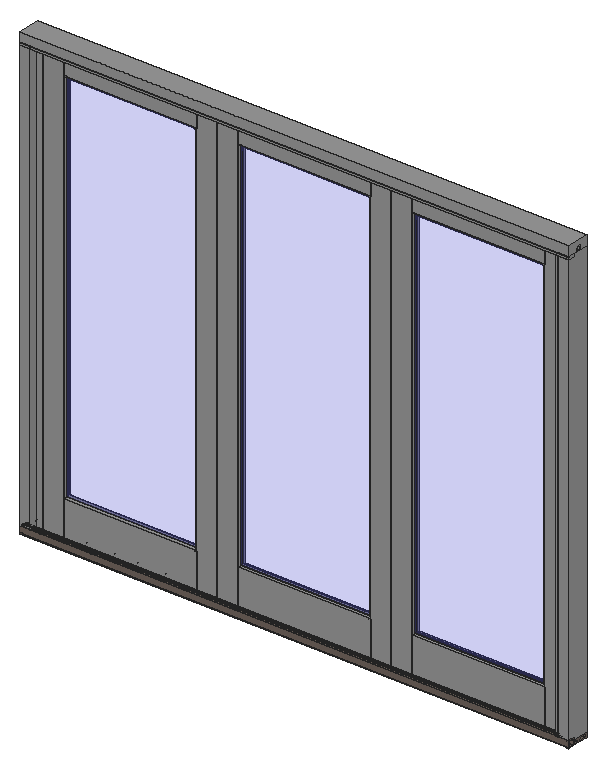
Revit family "VSFA 2560 G1 LH", category Doors, host Wall, Revit 2015
Parameters (values of type "VSFA 2560 G1 LH")
  Function = Interior
  Frame Projection Ext. = 25 mm
  Frame Projection Int. = 25 mm
  Frame Width = 75 mm
  Height = 2100 mm
  Wall Closure = By host
  Width = 2560 mm
Reference planes
  plane 1: y = 0
  plane 2 "Center (Left/Right)": x = 0
  plane 3 "Left": x = -1280
  plane 4 "Right": x = 1280
  plane 5: z = 2100
  plane 6 "Exterior": y = 75
  plane 7 "Interior": y = -75
  plane 8: x = 1205
  plane 9: x = -1235
  plane 10: x = 1204
  plane 11: x = 391
  plane 12: x = -422
Forms (mm)
  Extrusion 1, solid, material "Aluminium Cill (Bronze)"
    sketch origin (0, 79.18, -119.746) x (0, 1, 0) y (0, 0, -1)
      loop
        arc (-26.68, -120.746) -> (-26.972, -120.039) -> (-27.68, -119.746) r 1
        line (-27.68, -119.746) -> (-130.68, -119.746)
        arc (-130.68, -119.746) -> (-131.387, -120.039) -> (-131.68, -120.746) r 1
        line (-131.68, -120.746) -> (-131.68, -150.746)
        arc (-131.68, -150.746) -> (-131.387, -151.453) -> (-130.68, -151.746) r 1
        line (-130.68, -151.746) -> (-120.912, -151.746)
        arc (-120.912, -151.746) -> (-119.18, -150.746) -> (-117.447, -151.746) r 2
        line (-117.447, -151.746) -> (-112.912, -151.746)
        arc (-112.912, -151.746) -> (-111.18, -150.746) -> (-109.447, -151.746) r 2
        line (-109.447, -151.746) -> (-99.68, -151.746)
        arc (-99.68, -151.746) -> (-98.972, -151.453) -> (-98.68, -150.746) r 1
        line (-98.68, -150.746) -> (-98.68, -149.246)
        arc (-98.68, -149.246) -> (-99.18, -148.746) -> (-99.68, -149.246) r 0.5
        line (-99.68, -149.246) -> (-99.68, -150.246) -> (-100.88, -150.246) -> (-100.88, -142.734) -> (-99.68, -142.734) -> (-99.68, -143.746)
        arc (-99.68, -143.746) -> (-99.18, -144.246) -> (-98.68, -143.746) r 0.5
        line (-98.68, -143.746) -> (-98.68, -138.746) -> (-90.432, -138.746) -> (-82.18, -138.746) -> (-82.18, -135.246)
        arc (-82.18, -135.246) -> (-81.74, -134.185) -> (-80.68, -133.746) r 1.5
        line (-80.68, -133.746) -> (-75.93, -133.746) -> (-75.93, -135.746) -> (-77.363, -135.746)
        arc (-77.363, -135.746) -> (-74.68, -138.746) -> (-71.996, -135.746) r 2.7
        line (-71.996, -135.746) -> (-73.43, -135.746) -> (-73.43, -133.746) -> (-68.68, -133.746)
        arc (-68.68, -133.746) -> (-67.619, -134.185) -> (-67.18, -135.246) r 1.5
        line (-67.18, -135.246) -> (-67.18, -138.746) -> (-60.412, -138.746)
        arc (-60.412, -138.746) -> (-58.68, -137.746) -> (-56.947, -138.746) r 2
        line (-56.947, -138.746) -> (-52.412, -138.746)
        arc (-52.412, -138.746) -> (-50.68, -137.746) -> (-48.947, -138.746) r 2
        line (-48.947, -138.746) -> (-44.412, -138.746)
        arc (-44.412, -138.746) -> (-42.68, -137.746) -> (-40.947, -138.746) r 2
        line (-40.947, -138.746) -> (-29.68, -138.746)
        arc (-29.68, -138.746) -> (-27.558, -137.867) -> (-26.68, -135.746) r 3
        line (-26.68, -135.746) -> (-26.68, -120.746)
      loop
        arc (-29.68, -137.246) -> (-28.619, -136.807) -> (-28.18, -135.746) r 1.5
        line (-28.18, -135.746) -> (-28.18, -121.246) -> (-73.93, -121.246) -> (-73.93, -132.246) -> (-68.68, -132.246)
        arc (-68.68, -132.246) -> (-66.558, -133.125) -> (-65.68, -135.246) r 3
        line (-65.68, -135.246) -> (-65.68, -137.246) -> (-61.129, -137.246)
        arc (-61.129, -137.246) -> (-58.68, -136.246) -> (-56.23, -137.246) r 3.5
        line (-56.23, -137.246) -> (-53.129, -137.246)
        arc (-53.129, -137.246) -> (-50.68, -136.246) -> (-48.23, -137.246) r 3.5
        line (-48.23, -137.246) -> (-45.129, -137.246)
        arc (-45.129, -137.246) -> (-42.68, -136.246) -> (-40.23, -137.246) r 3.5
        line (-40.23, -137.246) -> (-29.68, -137.246)
      loop
        line (-75.43, -132.246) -> (-75.43, -121.246) -> (-98.68, -121.246) -> (-98.68, -137.246) -> (-83.68, -137.246) -> (-83.68, -135.246)
        arc (-83.68, -135.246) -> (-82.801, -133.125) -> (-80.68, -132.246) r 3
        line (-80.68, -132.246) -> (-75.43, -132.246)
      loop
        line (-100.18, -121.246) -> (-130.18, -121.246) -> (-130.18, -150.246) -> (-121.629, -150.246)
        arc (-121.629, -150.246) -> (-119.18, -149.246) -> (-116.73, -150.246) r 3.5
        line (-116.73, -150.246) -> (-113.629, -150.246)
        arc (-113.629, -150.246) -> (-111.18, -149.246) -> (-108.73, -150.246) r 3.5
        line (-108.73, -150.246) -> (-102.38, -150.246) -> (-102.38, -141.246) -> (-100.18, -141.246) -> (-100.18, -121.246)
    from -1280 to 1280
  Extrusion 2, solid, material "Lauan, Meranti"
    sketch origin (-122.148, 0, 0) x (0, 1, 0) y (0, 0, 1)
      loop
        line (52.5, 2100) -> (-52.5, 2100) -> (-52.5, 2055) -> (-6.5, 2055) -> (-6.5, 2075) -> (15.5, 2075) -> (15.5, 2055) -> (52.5, 2055) -> (52.5, 2100)
    from -1157.852 to 1402.148
  Extrusion 3, solid, material "Lauan, Meranti"
    sketch origin (2.986, 0, 0) x (0, 1, 0) y (0, 0, 1)
      loop
        line (-52.5, 2052) -> (-52.5, 2042) -> (-20.5, 2042) -> (-20.5, 2045.5) -> (-27.5, 2045.5) -> (-27.5, 2048.5) -> (-20.5, 2048.5) -> (-20.5, 2055) -> (-49.5, 2055) -> (-49.5, 2052) -> (-52.5, 2052)
    from -1282.986 to 1277.014
  Extrusion 4, solid, material "Steel, Chrome Plated"
    sketch origin (129.456, -1.5, 0) x (0, 1, 0) y (0, 0, -1)
      loop
        line (16.5, -2075) -> (16.5, -2055) -> (14.3, -2055) -> (14.3, -2072.8) -> (-2.3, -2072.8) -> (-2.3, -2055) -> (-4.5, -2055) -> (-4.5, -2075) -> (16.5, -2075)
    from -1150.544 to 1409.456
  Extrusion 5, solid, material "Lauan, Meranti"
    sketch origin (-615, 0, 0) x (-1, 0, 0) y (0, -1, 0)
      loop
        line (665, 52.5) -> (620, 52.5) -> (620, 16.5) -> (665, 16.5) -> (665, 52.5)
      loop
        line (665, -52.5) -> (665, -25.5) -> (620, -25.5) -> (620, -52.5) -> (665, -52.5)
      loop
        line (590, -24.5) -> (635, -24.5) -> (635, -14.5) -> (610, -14.5) -> (610, 5.5) -> (635, 5.5) -> (635, 15.5) -> (590, 15.5) -> (590, -24.5)
    from 32 to 2055
  Extrusion 6, solid, material "Lauan, Meranti"
    sketch origin (615, 0, 0) x (-1, 0, 0) y (0, -1, 0)
      loop
        line (-665, -52.5) -> (-632, -52.5) -> (-632, -24.5) -> (-620, -24.5) -> (-620, 52.5) -> (-665, 52.5) -> (-665, -52.5)
    from 32 to 2055
  Extrusion 7, solid, material "Lauan, Meranti"
    sketch origin (615, 0, 0) x (-1, 0, 0) y (0, -1, 0)
      loop
        line (-617, 52.5) -> (-617, 49.5) -> (-620, 49.5) -> (-620, 20.5) -> (-613.5, 20.5) -> (-613.5, 27.5) -> (-610.5, 27.5) -> (-610.5, 20.5) -> (-607, 20.5) -> (-607, 52.5) -> (-617, 52.5)
    from 32 to 2042
  Extrusion 8, solid, material "Lauan, Meranti"
    sketch origin (615, 0, 0) x (-1, 0, 0) y (0, -1, 0)
      loop
        line (-665, -52.5) -> (-632, -52.5) -> (-632, -24.5) -> (-620, -24.5) -> (-620, 19.5) -> (-665, 19.5) -> (-665, -52.5)
    from 19 to 32
  Extrusion 9, solid, material "Lauan, Meranti"
    sketch origin (-615, 0, 0) x (-1, 0, 0) y (0, -1, 0)
      loop
        line (620, -52.5) -> (665, -52.5) -> (665, -25.5) -> (620, -25.5) -> (620, -52.5)
      loop
        line (635, -24.5) -> (635, -14.5) -> (610, -14.5) -> (610, 5.5) -> (635, 5.5) -> (635, 15.5) -> (590, 15.5) -> (590, -24.5) -> (635, -24.5)
    from 19 to 32
  Extrusion 10, solid, material "Lauan, Meranti"
    sketch origin (-1524, 0, 0) x (-1, 0, 0) y (0, -1, 0)
      loop
        line (-1133, 15.5) -> (-1133, -24.5) -> (-1037, -24.5) -> (-1037, 5.5) -> (-1028, 5.5) -> (-1028, 7.5) -> (-1030, 7.5)
        arc (-1030, 7.5) -> (-1032.265, 11.94) -> (-1037, 13.5) r 6.549
        line (-1037, 13.5) -> (-1037, 15.5) -> (-1133, 15.5)
      loop
        line (-320, 15.5) -> (-416, 15.5) -> (-416, 13.5)
        arc (-416, 13.5) -> (-420.735, 11.94) -> (-423, 7.5) r 6.549
        line (-423, 7.5) -> (-425, 7.5) -> (-425, 5.5) -> (-416, 5.5) -> (-416, -24.5) -> (-320, -24.5) -> (-320, 15.5)
    from 19 to 2055
  Extrusion 11, solid, material "Lauan, Meranti"
    sketch origin (-859.235, 0, 0) x (0, 1, 0) y (0, 0, -1)
      loop
        line (-15.5, -190) -> (-13.5, -190)
        arc (-13.5, -190) -> (-11.866, -194.67) -> (-7.5, -197) r 6.807
        line (-7.5, -197) -> (-7.5, -199) -> (-5.5, -199) -> (-5.5, -190) -> (24.5, -190) -> (24.5, -19) -> (-15.5, -19) -> (-15.5, -190)
      loop
        arc (-7.5, -1952) -> (-11.866, -1954.33) -> (-13.5, -1959) r 6.807
        line (-13.5, -1959) -> (-15.5, -1959) -> (-15.5, -2055) -> (24.5, -2055) -> (24.5, -1959) -> (-5.5, -1959) -> (-5.5, -1950) -> (-7.5, -1950) -> (-7.5, -1952)
    from -372.235 to 248.765
  Sweep 12, solid, material "Lauan, Meranti"
    path origin (-566.876, -75, -1252.272) x (-1, 0, 0) y (0, 0, -1)
      loop
        line (-79.876, -3211.272) -> (541.124, -3211.272) -> (541.124, -1442.272) -> (-79.876, -1442.272) -> (-79.876, -3211.272)
    profile origin (-797.5, -75, 1959) x (0, 0, -1) y (0, -1, 0)
      loop
        line (9, -78) -> (0, -78) -> (0, -86)
        arc (0, -86) -> (4.67, -84.366) -> (7, -80) r 6.807
        line (7, -80) -> (9, -80) -> (9, -78)
  Extrusion 13, solid, material "Glass"
    sketch origin (-835.808, -110.55, -763.769) x (-1, 0, 0) y (0, 0, -1)
      loop
        line (-348.808, -2722.769) -> (272.192, -2722.769) -> (272.192, -953.769) -> (-348.808, -953.769) -> (-348.808, -2722.769)
    from -112.5 to -106.1
  Extrusion 14, solid, material "Lauan, Meranti"
    sketch origin (-711, 0, 0) x (-1, 0, 0) y (0, -1, 0)
      loop
        line (-1133, 15.5) -> (-1133, -24.5) -> (-1037, -24.5) -> (-1037, 5.5) -> (-1028, 5.5) -> (-1028, 7.5) -> (-1030, 7.5)
        arc (-1030, 7.5) -> (-1032.265, 11.94) -> (-1037, 13.5) r 6.549
        line (-1037, 13.5) -> (-1037, 15.5) -> (-1133, 15.5)
      loop
        line (-320, 15.5) -> (-416, 15.5) -> (-416, 13.5)
        arc (-416, 13.5) -> (-420.735, 11.94) -> (-423, 7.5) r 6.549
        line (-423, 7.5) -> (-425, 7.5) -> (-425, 5.5) -> (-416, 5.5) -> (-416, -24.5) -> (-320, -24.5) -> (-320, 15.5)
    from 19 to 2055
  Extrusion 15, solid, material "Lauan, Meranti"
    sketch origin (-46.235, 0, 0) x (0, 1, 0) y (0, 0, -1)
      loop
        line (-15.5, -190) -> (-13.5, -190)
        arc (-13.5, -190) -> (-11.866, -194.67) -> (-7.5, -197) r 6.807
        line (-7.5, -197) -> (-7.5, -199) -> (-5.5, -199) -> (-5.5, -190) -> (24.5, -190) -> (24.5, -19) -> (-15.5, -19) -> (-15.5, -190)
      loop
        arc (-7.5, -1952) -> (-11.866, -1954.33) -> (-13.5, -1959) r 6.807
        line (-13.5, -1959) -> (-15.5, -1959) -> (-15.5, -2055) -> (24.5, -2055) -> (24.5, -1959) -> (-5.5, -1959) -> (-5.5, -1950) -> (-7.5, -1950) -> (-7.5, -1952)
    from -372.235 to 248.765
  Sweep 16, solid, material "Lauan, Meranti"
    path origin (246.124, -75, -1252.272) x (-1, 0, 0) y (0, 0, -1)
      loop
        line (-79.876, -3211.272) -> (541.124, -3211.272) -> (541.124, -1442.272) -> (-79.876, -1442.272) -> (-79.876, -3211.272)
    profile origin (15.5, -75, 1959) x (0, 0, -1) y (0, -1, 0)
      loop
        line (9, -78) -> (0, -78) -> (0, -86)
        arc (0, -86) -> (4.67, -84.366) -> (7, -80) r 6.807
        line (7, -80) -> (9, -80) -> (9, -78)
  Extrusion 17, solid, material "Glass"
    sketch origin (-22.808, -110.55, -763.769) x (-1, 0, 0) y (0, 0, -1)
      loop
        line (-348.808, -2722.769) -> (272.192, -2722.769) -> (272.192, -953.769) -> (-348.808, -953.769) -> (-348.808, -2722.769)
    from -112.5 to -106.1
  Extrusion 18, solid, material "Lauan, Meranti"
    sketch origin (102, 0, 0) x (-1, 0, 0) y (0, -1, 0)
      loop
        line (-1133, 15.5) -> (-1133, -24.5) -> (-1037, -24.5) -> (-1037, 5.5) -> (-1028, 5.5) -> (-1028, 7.5) -> (-1030, 7.5)
        arc (-1030, 7.5) -> (-1032.265, 11.94) -> (-1037, 13.5) r 6.549
        line (-1037, 13.5) -> (-1037, 15.5) -> (-1133, 15.5)
      loop
        line (-320, 15.5) -> (-416, 15.5) -> (-416, 13.5)
        arc (-416, 13.5) -> (-420.735, 11.94) -> (-423, 7.5) r 6.549
        line (-423, 7.5) -> (-425, 7.5) -> (-425, 5.5) -> (-416, 5.5) -> (-416, -24.5) -> (-320, -24.5) -> (-320, 15.5)
    from 19 to 2055
  Extrusion 19, solid, material "Lauan, Meranti"
    sketch origin (766.765, 0, 0) x (0, 1, 0) y (0, 0, -1)
      loop
        line (-15.5, -190) -> (-13.5, -190)
        arc (-13.5, -190) -> (-11.866, -194.67) -> (-7.5, -197) r 6.807
        line (-7.5, -197) -> (-7.5, -199) -> (-5.5, -199) -> (-5.5, -190) -> (24.5, -190) -> (24.5, -19) -> (-15.5, -19) -> (-15.5, -190)
      loop
        arc (-7.5, -1952) -> (-11.866, -1954.33) -> (-13.5, -1959) r 6.807
        line (-13.5, -1959) -> (-15.5, -1959) -> (-15.5, -2055) -> (24.5, -2055) -> (24.5, -1959) -> (-5.5, -1959) -> (-5.5, -1950) -> (-7.5, -1950) -> (-7.5, -1952)
    from -372.235 to 248.765
  Sweep 20, solid, material "Lauan, Meranti"
    path origin (1059.124, -75, -1252.272) x (-1, 0, 0) y (0, 0, -1)
      loop
        line (-79.876, -3211.272) -> (541.124, -3211.272) -> (541.124, -1442.272) -> (-79.876, -1442.272) -> (-79.876, -3211.272)
    profile origin (828.5, -75, 1959) x (0, 0, -1) y (0, -1, 0)
      loop
        line (9, -78) -> (0, -78) -> (0, -86)
        arc (0, -86) -> (4.67, -84.366) -> (7, -80) r 6.807
        line (7, -80) -> (9, -80) -> (9, -78)
  Extrusion 21, solid, material "Glass"
    sketch origin (790.192, -110.55, -763.769) x (-1, 0, 0) y (0, 0, -1)
      loop
        line (-348.808, -2722.769) -> (272.192, -2722.769) -> (272.192, -953.769) -> (-348.808, -953.769) -> (-348.808, -2722.769)
    from -112.5 to -106.1
Cuts and joins
  joined: Extrusion 6, Extrusion 8
  joined: Extrusion 5, Extrusion 9
Lines and regions (mm)
  Opening 1
    outline origin (-5000, -75, 0) x (1, 0, 0) y (0, 0, 1)
      loop
        line (3720, 0) -> (6280, 0) -> (6280, 2100) -> (3720, 2100) -> (3720, 0)
  model lines
    curve 1: line (-1205, 24.5, 0) -> (-798.5, 728.579, 0)
    curve 2: line (-798.5, 728.579, 0) -> (-763.859, 708.579, 0)
    curve 3: line (-763.859, 708.579, 0) -> (-1170.359, 4.5, 0)
    curve 4: line (-322.718, 24.5, 0) -> (-729.218, 728.579, 0)
    curve 5: line (-729.218, 728.579, 0) -> (-763.859, 708.579, 0)
    curve 6: line (-763.859, 708.579, 0) -> (-357.359, 4.5, 0)
    curve 7: line (-322.718, 24.5, 0) -> (83.782, 728.579, 0)
    curve 8: line (83.782, 728.579, 0) -> (118.423, 708.579, 0)
    curve 9: line (-288.077, 4.5, 0) -> (118.423, 708.579, 0)
    curve 10: line (-634.802, 99.5, 1050) -> (-809.802, 99.5, 1050)
    curve 11: line (-948.879, 99.5, 1050) -> (-809.802, 99.5, 1106.191)
    curve 12: line (-809.802, 99.5, 1106.191) -> (-809.802, 99.5, 993.809)
    curve 13: line (-948.879, 99.5, 1050) -> (-809.802, 99.5, 993.809)
    curve 14: line (178.198, 99.5, 1050) -> (3.198, 99.5, 1050)
    curve 15: line (-135.879, 99.5, 1050) -> (3.198, 99.5, 1106.191)
    curve 16: line (3.198, 99.5, 1106.191) -> (3.198, 99.5, 993.809)
    curve 17: line (-135.879, 99.5, 1050) -> (3.198, 99.5, 993.809)
    curve 18: line (991.198, 99.5, 1050) -> (816.198, 99.5, 1050)
    curve 19: line (677.121, 99.5, 1050) -> (816.198, 99.5, 1106.191)
    curve 20: line (816.198, 99.5, 1106.191) -> (816.198, 99.5, 993.809)
    curve 21: line (677.121, 99.5, 1050) -> (816.198, 99.5, 993.809)
Text (mm)
  text "Exterior" at (-2295.016, 1099.543, 0), in view "Ref. Level"
  text "Exterior" at (0, 1615.38, 3698.081), in view "Left"
  text "Exterior" at (0, 1036.032, 3874.932), in view "Right"
Dimensions and locks
  equal spacing: plane 3 "Left", plane 2 "Center (Left/Right)", plane 4 "Right"
  "Width": plane 3 "Left" to plane 4 "Right"
  "Height": plane 5 to host wall
  host wall to plane 5 = 2100 mm  (x2)
  locked: plane 6 "Exterior" to host wall at 0
  locked: plane 7 "Interior" to host wall
  plane 3 "Left" to plane 4 "Right" = 2560 mm
  aligned and locked: plane 1 to host wall
  aligned and locked: Opening 1 sketch curve to level
  aligned and locked: Extrusion 10 to Extrusion 11
  aligned and locked: Extrusion 11 to Extrusion 13  (x2)
  aligned and locked: Extrusion 10 to Extrusion 13
  aligned and locked: Sweep 12 sketch curve to Extrusion 11  (x2)
  aligned and locked: Extrusion 10 to Sweep 12 sketch curve
  aligned and locked: Extrusion 14 to Extrusion 15
  aligned and locked: Extrusion 15 to Extrusion 17  (x2)
  aligned and locked: Extrusion 14 to Extrusion 17
  aligned and locked: Sweep 16 sketch curve to Extrusion 15  (x2)
  aligned and locked: Extrusion 14 to Sweep 16 sketch curve
  aligned and locked: Extrusion 18 to Extrusion 19
  aligned and locked: Extrusion 19 to Extrusion 21  (x2)
  aligned and locked: Extrusion 18 to Extrusion 21
  aligned and locked: Sweep 20 sketch curve to Extrusion 19  (x2)
  aligned and locked: Extrusion 18 to Sweep 20 sketch curve
Automatic sketch dimensions
  curve 11 to plane 9 = 286.121 mm
  curve 11 to curve 11 = 139.078 mm
  curve 15 to plane 2 "Center (Left/Right)" = 135.879 mm
  plane 2 "Center (Left/Right)" to curve 15 = 3.198 mm
  curve 19 to plane 11 = 286.121 mm
  curve 19 to curve 19 = 139.078 mm
  level to curve 21 = 993.809 mm
  curve 16 to curve 20 = 0 mm
  curve 13 to curve 16 = 0 mm
  curve 12 to curve 13 = 56.191 mm
  curve 20 to curve 21 = 56.191 mm
  curve 16 to curve 15 = 56.191 mm
  curve 20 to curve 19 = 112.382 mm
  curve 12 to curve 12 = 112.382 mm
  curve 16 to curve 16 = 112.382 mm
  curve 10 to curve 10 = 175 mm
  curve 14 to curve 14 = 175 mm
  curve 18 to curve 18 = 175 mm
  curve 14 to curve 15 = 56.191 mm
  curve 12 to curve 10 = 56.191 mm
  curve 20 to curve 18 = 56.191 mm
  Extrusion 1 sketch curve to level = 0 mm
  level to Extrusion 1 sketch curve = 1 mm
  Extrusion 1 sketch curve to host wall = 22.5 mm
  Extrusion 1 sketch curve to Extrusion 1 sketch curve = 1 mm  (x7)
  Extrusion 1 sketch curve to Extrusion 1 sketch curve = 0.5 mm  (x8)
  Extrusion 1 sketch curve to Extrusion 1 sketch curve = 8.551 mm
  Extrusion 1 sketch curve to Extrusion 1 sketch curve = 0.717 mm  (x10)
  Extrusion 1 sketch curve to Extrusion 1 sketch curve = 1.732 mm  (x10)
  Extrusion 1 sketch curve to Extrusion 1 sketch curve = 0 mm  (x24)
  Extrusion 1 sketch curve to Extrusion 1 sketch curve = 3.101 mm  (x3)
  Extrusion 1 sketch curve to Extrusion 1 sketch curve = 6.351 mm
  Extrusion 1 sketch curve to Extrusion 1 sketch curve = 1.5 mm  (x15)
  Extrusion 1 sketch curve to Extrusion 1 sketch curve = 0.7 mm
  level to Extrusion 1 sketch curve = 1.5 mm  (x3)
  Extrusion 1 sketch curve to Extrusion 1 sketch curve = 1.2 mm  (x2)
  Extrusion 1 sketch curve to Extrusion 1 sketch curve = 8.248 mm
  host wall to Extrusion 1 sketch curve = 4.5 mm
  host wall to Extrusion 1 sketch curve = 1.5 mm  (x2)
  Extrusion 1 sketch curve to host wall = 1.817 mm
  Extrusion 1 sketch curve to Extrusion 1 sketch curve = 1.433 mm  (x3)
  Extrusion 1 sketch curve to host wall = 3.75 mm
  Extrusion 1 sketch curve to Extrusion 1 sketch curve = 1.25 mm  (x2)
  Extrusion 1 sketch curve to Extrusion 1 sketch curve = 3.317 mm
  Extrusion 1 sketch curve to Extrusion 1 sketch curve = 4.551 mm
  Extrusion 1 sketch curve to Extrusion 1 sketch curve = 10.551 mm
  Extrusion 1 sketch curve to Extrusion 1 sketch curve = 11 mm
  Extrusion 1 sketch curve to Extrusion 1 sketch curve = 14.5 mm
  Extrusion 1 sketch curve to Extrusion 1 sketch curve = 2 mm  (x5)
  Extrusion 1 sketch curve to Extrusion 1 sketch curve = 0.3 mm
  Extrusion 1 sketch curve to Extrusion 1 sketch curve = 2.5 mm
  Extrusion 1 sketch curve to Extrusion 1 sketch curve = 1.488 mm
  Extrusion 1 sketch curve to Extrusion 1 sketch curve = 1.012 mm
  Extrusion 1 sketch curve to Extrusion 1 sketch curve = 5.5 mm
  Extrusion 1 sketch curve to Extrusion 1 sketch curve = 9 mm
  plane 12 to curve 2 = 376.5 mm
  curve 1 to curve 3 = 34.641 mm
  curve 2 to curve 4 = 34.641 mm
  curve 7 to host wall = 24.5 mm
  curve 7 to plane 12 = 99.282 mm
  plane 2 "Center (Left/Right)" to curve 8 = 83.782 mm
  curve 7 to curve 9 = 34.641 mm
  host wall to curve 8 = 633.579 mm
  host wall to curve 3 = 633.579 mm
  curve 6 to curve 2 = 20 mm
  curve 3 to host wall = 4.5 mm
  curve 1 to host wall = 24.5 mm
  curve 6 to host wall = 4.5 mm
  curve 9 to host wall = 4.5 mm
  plane 5 to Extrusion 2 sketch curve = 0 mm
  Extrusion 2 sketch curve to host wall = 22.5 mm  (x2)
  host wall to Extrusion 2 sketch curve = 6.5 mm
  Extrusion 2 sketch curve to host wall = 15.5 mm
  plane 5 to Extrusion 2 sketch curve = 25 mm
  Extrusion 2 sketch curve to Extrusion 2 sketch curve = 20 mm  (x2)
  Extrusion 3 sketch curve to host wall = 22.5 mm
  Extrusion 3 sketch curve to Extrusion 3 sketch curve = 3 mm  (x2)
  Extrusion 3 sketch curve to Extrusion 3 sketch curve = 22 mm
  Extrusion 3 sketch curve to Extrusion 3 sketch curve = 7 mm
  Extrusion 3 sketch curve to Extrusion 3 sketch curve = 0 mm
  plane 5 to Extrusion 3 sketch curve = 58 mm
  Extrusion 3 sketch curve to Extrusion 3 sketch curve = 3.5 mm
  Extrusion 3 sketch curve to Extrusion 3 sketch curve = 10 mm
  Extrusion 3 sketch curve to Extrusion 3 sketch curve = 6.5 mm
  host wall to Extrusion 4 sketch curve = 6 mm
  Extrusion 4 sketch curve to Extrusion 4 sketch curve = 2.2 mm  (x3)
  Extrusion 4 sketch curve to host wall = 12.8 mm
  plane 5 to Extrusion 4 sketch curve = 25 mm
  Extrusion 4 sketch curve to Extrusion 4 sketch curve = 17.8 mm  (x2)
  plane 3 "Left" to Opening 1 sketch curve = 0 mm
  plane 4 "Right" to Opening 1 sketch curve = 0 mm
  Opening 1 sketch curve to plane 5 = 0 mm
  Extrusion 5 sketch curve to plane 9 = 0 mm  (x2)
  Extrusion 5 sketch curve to plane 3 "Left" = 0 mm  (x2)
  Extrusion 5 sketch curve to plane 9 = 10 mm
  Extrusion 5 sketch curve to Extrusion 5 sketch curve = 20 mm
  plane 9 to Extrusion 5 sketch curve = 15 mm  (x2)
  Extrusion 5 sketch curve to host wall = 22.5 mm  (x2)
  Extrusion 5 sketch curve to host wall = 25.5 mm
  Extrusion 5 sketch curve to Extrusion 5 sketch curve = 1 mm
  Extrusion 5 sketch curve to host wall = 14.5 mm
  host wall to Extrusion 5 sketch curve = 5.5 mm
  Extrusion 5 sketch curve to Extrusion 5 sketch curve = 10 mm
  host wall to Extrusion 5 sketch curve = 16.5 mm
  Extrusion 6 sketch curve to plane 4 "Right" = 0 mm
  plane 4 "Right" to Extrusion 6 sketch curve = 33 mm
  Extrusion 6 sketch curve to plane 8 = 30 mm
  Extrusion 6 sketch curve to host wall = 22.5 mm  (x2)
  Extrusion 6 sketch curve to host wall = 24.5 mm
  Extrusion 7 sketch curve to plane 8 = 30 mm
  Extrusion 7 sketch curve to Extrusion 7 sketch curve = 3 mm  (x3)
  Extrusion 7 sketch curve to Extrusion 7 sketch curve = 6.5 mm
  Extrusion 7 sketch curve to Extrusion 7 sketch curve = 10 mm
  host wall to Extrusion 7 sketch curve = 20.5 mm
  Extrusion 7 sketch curve to Extrusion 7 sketch curve = 0 mm
  Extrusion 7 sketch curve to Extrusion 7 sketch curve = 7 mm
  Extrusion 7 sketch curve to Extrusion 7 sketch curve = 22 mm
  Extrusion 8 sketch curve to plane 4 "Right" = 0 mm
  Extrusion 8 sketch curve to Extrusion 8 sketch curve = 33 mm
  Extrusion 8 sketch curve to plane 8 = 30 mm
  Extrusion 8 sketch curve to host wall = 22.5 mm
  Extrusion 8 sketch curve to host wall = 24.5 mm
  host wall to Extrusion 8 sketch curve = 19.5 mm
  Extrusion 9 sketch curve to plane 9 = 0 mm
  Extrusion 9 sketch curve to plane 3 "Left" = 0 mm
  Extrusion 9 sketch curve to plane 9 = 10 mm
  Extrusion 9 sketch curve to Extrusion 9 sketch curve = 20 mm
  plane 9 to Extrusion 9 sketch curve = 15 mm  (x2)
  Extrusion 9 sketch curve to host wall = 22.5 mm
  Extrusion 9 sketch curve to host wall = 25.5 mm
  Extrusion 9 sketch curve to host wall = 24.5 mm
  Extrusion 9 sketch curve to Extrusion 9 sketch curve = 10 mm  (x2)
  host wall to Extrusion 9 sketch curve = 5.5 mm
  plane 12 to Extrusion 10 sketch curve = 31 mm
  Extrusion 10 sketch curve to host wall = 13.5 mm
  Extrusion 10 sketch curve to plane 12 = 65 mm
  Extrusion 10 sketch curve to Extrusion 10 sketch curve = 0 mm
  Extrusion 10 sketch curve to Extrusion 10 sketch curve = 0.473 mm  (x3)
  Extrusion 10 sketch curve to Extrusion 10 sketch curve = 6.527 mm  (x2)
  Extrusion 10 sketch curve to Extrusion 10 sketch curve = 2 mm  (x4)
  Extrusion 10 sketch curve to host wall = 5.5 mm
  plane 9 to Extrusion 10 sketch curve = 136 mm
  plane 9 to Extrusion 10 sketch curve = 31 mm
  Extrusion 10 sketch curve to host wall = 15.5 mm  (x2)
  Extrusion 10 sketch curve to host wall = 7.5 mm
  Extrusion 10 sketch curve to Extrusion 10 sketch curve = 1.468 mm
  host wall to Extrusion 10 sketch curve = 24.5 mm  (x2)
  host wall to Extrusion 11 sketch curve = 15.5 mm  (x2)
  Extrusion 11 sketch curve to Extrusion 11 sketch curve = 2 mm  (x6)
  host wall to Extrusion 11 sketch curve = 7.5 mm  (x2)
  host wall to Extrusion 11 sketch curve = 6.697 mm  (x2)
  Extrusion 11 sketch curve to host wall = 24.5 mm  (x2)
  plane 5 to Extrusion 11 sketch curve = 45 mm
  Extrusion 11 sketch curve to Extrusion 11 sketch curve = 96 mm
  Extrusion 11 sketch curve to Extrusion 11 sketch curve = 0 mm
  Extrusion 11 sketch curve to Extrusion 11 sketch curve = 0.241 mm  (x2)
  level to Extrusion 11 sketch curve = 199 mm
  Extrusion 11 sketch curve to Extrusion 11 sketch curve = 6.759 mm
  level to Extrusion 11 sketch curve = 19 mm
  plane 12 to Sweep 12 sketch curve = 65 mm
  Sweep 12 sketch curve to profile plane = 0 mm
  Sweep 12 sketch curve to profile plane = 0.241 mm
  Sweep 12 sketch curve to Sweep 12 sketch curve = 6.759 mm
  Sweep 12 sketch curve to Sweep 12 sketch curve = 2 mm  (x2)
  Sweep 12 sketch curve to profile plane = 86 mm
  Sweep 12 sketch curve to Sweep 12 sketch curve = 6 mm
  plane 12 to Extrusion 13 sketch curve = 65 mm
  Extrusion 13 sketch curve to plane 9 = 127 mm
  plane 5 to Extrusion 13 sketch curve = 141 mm
  level to Extrusion 13 sketch curve = 190 mm
  plane 11 to Extrusion 14 sketch curve = 31 mm
  Extrusion 14 sketch curve to host wall = 13.5 mm
  Extrusion 14 sketch curve to plane 11 = 65 mm
  Extrusion 14 sketch curve to Extrusion 14 sketch curve = 0 mm
  Extrusion 14 sketch curve to Extrusion 14 sketch curve = 0.473 mm  (x3)
  Extrusion 14 sketch curve to Extrusion 14 sketch curve = 6.527 mm  (x2)
  Extrusion 14 sketch curve to Extrusion 14 sketch curve = 2 mm  (x4)
  Extrusion 14 sketch curve to host wall = 5.5 mm
  plane 12 to Extrusion 14 sketch curve = 136 mm
  plane 12 to Extrusion 14 sketch curve = 31 mm
  Extrusion 14 sketch curve to host wall = 15.5 mm  (x2)
  Extrusion 14 sketch curve to host wall = 7.5 mm
  Extrusion 14 sketch curve to Extrusion 14 sketch curve = 1.468 mm
  host wall to Extrusion 14 sketch curve = 24.5 mm  (x2)
  host wall to Extrusion 15 sketch curve = 15.5 mm  (x2)
  Extrusion 15 sketch curve to Extrusion 15 sketch curve = 2 mm  (x6)
  host wall to Extrusion 15 sketch curve = 7.5 mm  (x2)
  host wall to Extrusion 15 sketch curve = 6.697 mm  (x2)
  Extrusion 15 sketch curve to host wall = 24.5 mm  (x2)
  plane 5 to Extrusion 15 sketch curve = 45 mm
  Extrusion 15 sketch curve to Extrusion 15 sketch curve = 96 mm
  Extrusion 15 sketch curve to Extrusion 15 sketch curve = 0 mm
  Extrusion 15 sketch curve to Extrusion 15 sketch curve = 0.241 mm  (x2)
  level to Extrusion 15 sketch curve = 199 mm
  Extrusion 15 sketch curve to Extrusion 15 sketch curve = 6.759 mm
  level to Extrusion 15 sketch curve = 19 mm
  plane 11 to Sweep 16 sketch curve = 65 mm
  Sweep 16 sketch curve to profile plane = 0 mm
  Sweep 16 sketch curve to profile plane = 0.241 mm
  Sweep 16 sketch curve to Sweep 16 sketch curve = 6.759 mm
  Sweep 16 sketch curve to Sweep 16 sketch curve = 2 mm  (x2)
  Sweep 16 sketch curve to profile plane = 86 mm
  Sweep 16 sketch curve to Sweep 16 sketch curve = 6 mm
  plane 11 to Extrusion 17 sketch curve = 65 mm
  Extrusion 17 sketch curve to plane 12 = 127 mm
  plane 5 to Extrusion 17 sketch curve = 141 mm
  level to Extrusion 17 sketch curve = 190 mm
  plane 8 to Extrusion 18 sketch curve = 30 mm
  Extrusion 18 sketch curve to host wall = 13.5 mm
  Extrusion 18 sketch curve to plane 10 = 65 mm
  Extrusion 18 sketch curve to Extrusion 18 sketch curve = 0 mm
  Extrusion 18 sketch curve to Extrusion 18 sketch curve = 0.473 mm  (x3)
  Extrusion 18 sketch curve to Extrusion 18 sketch curve = 6.527 mm  (x2)
  Extrusion 18 sketch curve to Extrusion 18 sketch curve = 2 mm  (x4)
  Extrusion 18 sketch curve to host wall = 5.5 mm
  plane 11 to Extrusion 18 sketch curve = 136 mm
  plane 11 to Extrusion 18 sketch curve = 31 mm
  Extrusion 18 sketch curve to host wall = 15.5 mm  (x2)
  Extrusion 18 sketch curve to host wall = 7.5 mm
  Extrusion 18 sketch curve to Extrusion 18 sketch curve = 1.468 mm
  host wall to Extrusion 18 sketch curve = 24.5 mm  (x2)
  host wall to Extrusion 19 sketch curve = 15.5 mm  (x2)
  Extrusion 19 sketch curve to Extrusion 19 sketch curve = 2 mm  (x6)
  host wall to Extrusion 19 sketch curve = 7.5 mm  (x2)
  host wall to Extrusion 19 sketch curve = 6.697 mm  (x2)
  Extrusion 19 sketch curve to host wall = 24.5 mm  (x2)
  plane 5 to Extrusion 19 sketch curve = 45 mm
  Extrusion 19 sketch curve to Extrusion 19 sketch curve = 96 mm
  Extrusion 19 sketch curve to Extrusion 19 sketch curve = 0 mm
  Extrusion 19 sketch curve to Extrusion 19 sketch curve = 0.241 mm  (x2)
  level to Extrusion 19 sketch curve = 199 mm
  Extrusion 19 sketch curve to Extrusion 19 sketch curve = 6.759 mm
  level to Extrusion 19 sketch curve = 19 mm
  plane 10 to Sweep 20 sketch curve = 65 mm
  Sweep 20 sketch curve to profile plane = 0 mm
  Sweep 20 sketch curve to profile plane = 0.241 mm
  Sweep 20 sketch curve to Sweep 20 sketch curve = 6.759 mm
  Sweep 20 sketch curve to Sweep 20 sketch curve = 2 mm  (x2)
  Sweep 20 sketch curve to profile plane = 86 mm
  Sweep 20 sketch curve to Sweep 20 sketch curve = 6 mm
  plane 10 to Extrusion 21 sketch curve = 65 mm
  Extrusion 21 sketch curve to plane 11 = 127 mm
  plane 5 to Extrusion 21 sketch curve = 141 mm
  level to Extrusion 21 sketch curve = 190 mm
